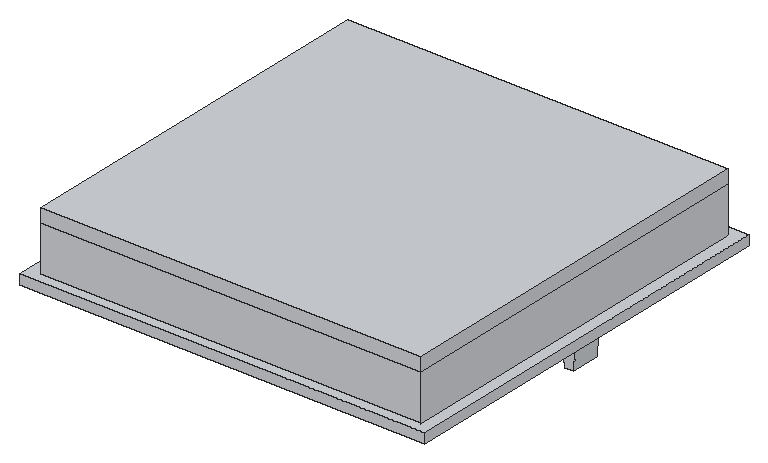
Revit family "Gira_067666", category Electrical Fixtures, host Face, Revit 2017
Family settings
  Host = Face
  Maintain Annotation Orientation = No
  Round Connector Dimension = Use Diameter
  Part Type = Normal
  Cut with Voids When Loaded = No
  Shared = No
  Room Calculation Point = No
Parameters (values of type "Wippe BSF Gira TX_44 (WG UP) Reinweiß")
  Werkstoffgüte = "sonstige"
  Werkstoff = "Kunststoff"
  Verwendung = "Schalter/Taster"
  URL = "http://katalog.gira.de/de_DE/datenblatt.html?artikelnr=067666"
  Region = "DE"
  Oberfläche = "sonstige"
  Name = "Wippe BSF Gira TX_44 (WG UP) Reinweiß"
  Mit austauschbarer Linse/Symbol = "No"
  Mit Beschriftungsfeld = "Yes"
  Manufacturer URL = "https://www.gira.de/"
  Kontrollfenster/Lichtauslass = "No"
  Keynote = "TX44_Abdeckung_Schalten und Tasten"
  HeinzeBIM = "https://bimportal.heinze.de/bim/wippe-bsf-gira-tx-44-wg-up-reinweiss/edcf36e1438843954bc9d4a5fdd91e1613d52f1f"
  Halogenfrei = "Yes"
  HAN = "067666"
  Geeignet für Schutzart (IP) = "IP44"
  Geeignet für Bussystem-Tasterankopplung = "No"
  GTIN = "4010337676669"
  Farbe = "weiß"
  Default Elevation = 1219.2 mm
  Data sheet (1) = "https://katalog.gira.de/de_DE/download.html?artikelnr=067666"
  Category = "Abdeckung/Bedienelement für Installationsschalterprogramme"
  Befestigungsart = "Klemmbefestigung"
  Available = "Yes"
  Ausführung = "einteilige Wippe"
  Aufdruck/Kennzeichnung = "ohne Aufdruck"
  Abtastbares Symbol/barrierefrei = "No"
Reference planes
  plane 1 "Center (Front/Back)": y = 0
  plane 2: z = 0
  plane 3 "Center (Left/Right)": x = 0
Forms (mm)
  Extrusion 1, solid, detail levels fine
    sketch origin (0, 0, 0) x (1, 0, 0) y (0, 1, 0)
      loop
        line (34.85, 34.85) -> (-34.85, 34.85) -> (-34.85, -34.85) -> (34.85, -34.85) -> (34.85, 34.85)
      loop
        line (-31.45, 31.8) -> (-31.45, -31.8) -> (31.45, -31.8) -> (31.45, 31.8) -> (-31.45, 31.8)
    from 0 to 1.7
  Extrusion 2, solid, detail levels fine
    sketch origin (0, 0, 0) x (1, 0, 0) y (0, 1, 0)
      loop
        line (32.8, 33.05) -> (-32.8, 33.05) -> (-32.8, -33.05) -> (32.8, -33.05) -> (32.8, 33.05)
      loop
        line (-31.45, 31.8) -> (-31.45, -31.8) -> (31.45, -31.8) -> (31.45, 31.8) -> (-31.45, 31.8)
    from 1.566 to 9.515
  Extrusion 3, solid, detail levels fine
    sketch origin (0, 0, 0) x (1, 0, 0) y (0, 1, 0)
      loop
        line (32.8, 33.05) -> (-32.8, 33.05) -> (-32.8, -33.05) -> (32.8, -33.05) -> (32.8, 33.05)
    from 9.515 to 11.816
  Extrusion 4, solid, detail levels fine
    sketch origin (0, 0, 0) x (1, 0, 0) y (0, 0, 1)
      loop
        line (-32.815, 0) -> (-34.827, 0) -> (-34.611, -3.084) -> (-33.031, -3.084) -> (-32.815, 0)
      loop
        line (32.815, 0) -> (33.031, -3.084) -> (34.611, -3.084) -> (34.827, 0) -> (32.815, 0)
    from -2.513 to 2.5
  Extrusion 5, solid, detail levels fine
    sketch origin (0, 0, 0) x (1, 0, 0) y (0, 1, 0)
      loop
        spline (-23.686, 23.152) -> (-23.856, 23.114) -> (-24.022, 23.062) -> (-24.184, 22.995) -> (-24.338, 22.915) -> (-24.486, 22.821) -> (-24.624, 22.715) -> (-24.753, 22.597) -> (-24.87, 22.468) -> (-24.977, 22.33) -> (-25.07, 22.183) -> (-25.151, 22.028) -> (-25.218, 21.867)
        line (-25.218, 21.867) -> (-29.35, 10.513) -> (-29.35, -10.487) -> (-25.218, -21.841)
        spline (-25.218, -21.841) -> (-25.151, -22.002) -> (-25.07, -22.156) -> (-24.977, -22.304) -> (-24.87, -22.442) -> (-24.753, -22.571) -> (-24.624, -22.688) -> (-24.486, -22.795) -> (-24.338, -22.888) -> (-24.184, -22.969) -> (-24.022, -23.036) -> (-23.856, -23.088) -> (-23.686, -23.126)
        line (-23.686, -23.126) -> (0, -27.302) -> (23.686, -23.126)
        spline (23.686, -23.126) -> (23.856, -23.088) -> (24.022, -23.036) -> (24.184, -22.969) -> (24.338, -22.888) -> (24.486, -22.795) -> (24.624, -22.688) -> (24.753, -22.571) -> (24.87, -22.442) -> (24.977, -22.304) -> (25.07, -22.156) -> (25.151, -22.002) -> (25.218, -21.841)
        line (25.218, -21.841) -> (29.35, -10.487) -> (29.35, 10.513) -> (25.218, 21.867)
        spline (25.218, 21.867) -> (25.151, 22.028) -> (25.07, 22.183) -> (24.977, 22.33) -> (24.87, 22.468) -> (24.753, 22.597) -> (24.624, 22.715) -> (24.486, 22.821) -> (24.338, 22.915) -> (24.184, 22.995) -> (24.022, 23.062) -> (23.856, 23.114) -> (23.686, 23.152)
        line (23.686, 23.152) -> (0, 27.328) -> (-23.686, 23.152)
      loop
        line (-24.278, 21.525) -> (-28.35, 10.337) -> (-28.35, -10.311) -> (-24.278, -21.498)
        spline (-24.278, -21.498) -> (-24.245, -21.579) -> (-24.204, -21.656) -> (-24.157, -21.73) -> (-24.104, -21.799) -> (-24.045, -21.863) -> (-23.981, -21.922) -> (-23.912, -21.976) -> (-23.838, -22.022) -> (-23.761, -22.063) -> (-23.68, -22.096) -> (-23.597, -22.122) -> (-23.512, -22.141)
        line (-23.512, -22.141) -> (0, -26.287) -> (23.512, -22.141)
        spline (23.512, -22.141) -> (23.597, -22.122) -> (23.68, -22.096) -> (23.761, -22.063) -> (23.838, -22.022) -> (23.912, -21.976) -> (23.981, -21.922) -> (24.045, -21.863) -> (24.104, -21.799) -> (24.157, -21.73) -> (24.204, -21.656) -> (24.245, -21.579) -> (24.278, -21.498)
        line (24.278, -21.498) -> (28.35, -10.311) -> (28.35, 10.337) -> (24.278, 21.525)
        spline (24.278, 21.525) -> (24.245, 21.605) -> (24.204, 21.683) -> (24.157, 21.756) -> (24.104, 21.825) -> (24.045, 21.89) -> (23.981, 21.949) -> (23.912, 22.002) -> (23.838, 22.048) -> (23.761, 22.089) -> (23.68, 22.122) -> (23.597, 22.148) -> (23.512, 22.167)
        line (23.512, 22.167) -> (0, 26.313) -> (-23.512, 22.167)
        spline (-23.512, 22.167) -> (-23.597, 22.148) -> (-23.68, 22.122) -> (-23.761, 22.089) -> (-23.838, 22.048) -> (-23.912, 22.002) -> (-23.981, 21.949) -> (-24.045, 21.89) -> (-24.104, 21.825) -> (-24.157, 21.756) -> (-24.204, 21.683) -> (-24.245, 21.605) -> (-24.278, 21.525)
    from 4.866 to 9.515
  Extrusion 6, solid, detail levels fine
    sketch origin (0, 0, 0) x (1, 0, 0) y (0, 1, 0)
      loop
        arc (0, 8.51) -> (-1.055, 8.223) -> (-1.717, 7.352) r 1.7
        line (-1.717, 7.352) -> (-2.205, 5.894) -> (-2.205, 4.213) -> (-4.36, 4.213)
        arc (-4.36, 4.213) -> (-4.865, 4.091) -> (-5.257, 3.75) r 1.1
        arc (-5.257, 3.75) -> (-6.02, 2.328) -> (-6.406, 0.761) r 6.45
        arc (-6.406, 0.761) -> (-6.7, 0.013) -> (-6.406, -0.735) r 1.1
        arc (-6.406, -0.735) -> (-6.02, -2.302) -> (-5.257, -3.724) r 6.45
        arc (-5.257, -3.724) -> (-4.865, -4.064) -> (-4.36, -4.187) r 1.1
        line (-4.36, -4.187) -> (-2.1, -4.187) -> (-2.1, -5.243)
        arc (-2.1, -5.243) -> (-1.847, -5.944) -> (-1.206, -6.323) r 1.1
        arc (-1.206, -6.323) -> (0, -6.437) -> (1.206, -6.323) r 6.45
        arc (1.206, -6.323) -> (1.847, -5.944) -> (2.1, -5.243) r 1.1
        line (2.1, -5.243) -> (2.1, -4.187) -> (4.36, -4.187)
        arc (4.36, -4.187) -> (4.865, -4.064) -> (5.257, -3.724) r 1.1
        arc (5.257, -3.724) -> (6.02, -2.302) -> (6.406, -0.735) r 6.45
        arc (6.406, -0.735) -> (6.7, 0.013) -> (6.406, 0.761) r 1.1
        arc (6.406, 0.761) -> (6.02, 2.328) -> (5.257, 3.75) r 6.45
        arc (5.257, 3.75) -> (4.865, 4.091) -> (4.36, 4.213) r 1.1
        line (4.36, 4.213) -> (2.205, 4.213) -> (2.205, 5.894) -> (1.717, 7.352)
        arc (1.717, 7.352) -> (1.055, 8.223) -> (0, 8.51) r 1.7
    from -6.834 to 9.515
  Extrusion 7, solid, detail levels coarse
    sketch origin (0, 0, 0) x (1, 0, 0) y (0, 1, 0)
      loop
        line (34.85, 34.85) -> (-34.85, 34.85) -> (-34.85, -34.85) -> (34.85, -34.85) -> (34.85, 34.85)
    from -6.834 to 11.816
  Extrusion 8, solid, detail levels medium
    sketch origin (0, 0, 0) x (1, 0, 0) y (0, 1, 0)
      loop
        line (32.8, 33.05) -> (-32.8, 33.05) -> (-32.8, -33.05) -> (32.8, -33.05) -> (32.8, 33.05)
    from 1.566 to 11.816
  Extrusion 9, solid, detail levels medium
    sketch origin (0, 0, 0) x (1, 0, 0) y (0, 1, 0)
      loop
        line (34.85, 34.85) -> (-34.85, 34.85) -> (-34.85, -34.85) -> (34.85, -34.85) -> (34.85, 34.85)
    from 0 to 1.7
  Extrusion 10, solid, detail levels medium
    sketch origin (0, 0, 0) x (1, 0, 0) y (0, 1, 0)
      loop
        circle (0, 1.036) r 7.473
    from -6.834 to 9.515
  Extrusion 11, solid, detail levels medium
    sketch origin (0, 0, 0) x (1, 0, 0) y (0, 0, 1)
      loop
        line (-32.815, -3.084) -> (-32.815, 0) -> (-34.827, 0) -> (-34.827, -3.084) -> (-32.815, -3.084)
      loop
        line (32.815, -3.084) -> (34.827, -3.084) -> (34.827, 0) -> (32.815, 0) -> (32.815, -3.084)
    from -2.513 to 2.5
Dimensions and locks
  aligned and locked: plane 2 to host face
  aligned and locked: level to host face
